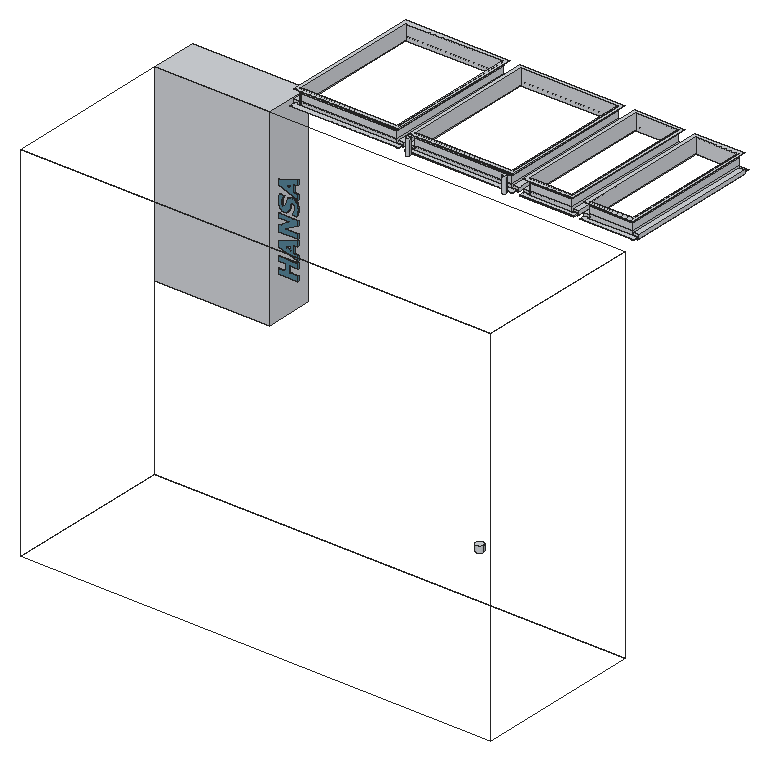
Revit family "KL-P-023-R", category HLS-Bauteile, Revit 2020
Family settings
  Bemaßung runder Anschluss = Durchmesser verwenden
  Klassifizierung = Keine
  Teiletyp = Normal
  Arbeitsebenenbasiert = Nein
  Immer vertikal = Ja
  Beim Laden mit Abzugskörper schneiden = Nein
  Gemeinsam genutzt = Nein
  Raumberechnungspunkt = Nein
Parameters
  Zuluftbreite [instance] = 505 mm  # constant formula
  Vorgabe-Ansicht = 0 mm
  TyS [instance] = size_lookup("TyS_Hansa_KL_P", "", "ND", RLT_Serie, Gehaeuserichtung, Gehaeuseausfuehrung, RLT_MSR_KZ)  # "KL-P-023-R-eCS"
  Schaltschrankbreite [instance] = 600 mm
  Schaltschrank_montiert [instance] = yes
  SSaG [instance] = and(or(Regelung SAIA, Regelung OJ), Schaltschrank_montiert)  # yes
  Regelung SAIA [instance] = yes
  Regelung OJ [instance] = no
  RLT_Volumenstrom_max = 2300 m³/h  # constant formula
  RLT_Volumenstrom_Unit_2 [instance] = 2300 m³/h
  RLT_Volumenstrom_Unit_1 [instance] = 2300 m³/h
  RLT_Typenschlüssel [instance] = TyS  # "KL-P-023-R-eCS"
  RLT_Serie = "KL-P-023"  # constant formula
  RLT_Material_außen [instance] = Stahlblech verzinkt + RAL 9002
  RLT_MSR_KZ [instance] = if(Regelung SAIA, "eCS", if(Regelung OJ, "eCO", "-"))  # "eCS"
  RLT_Länge [instance] = L  # 1860 mm
  RLT_Höhe = H  # 1790 mm
  RLT_Gewicht [instance] = size_lookup("TD_Hansa_KL_P", "Gewicht", 0 mm, TyS) / 1 mm * 1.00 kg  # 0.00 kg
  RLT_Breite = B  # 880 mm
  Modell = "KL-P-023-R"  # constant formula
  L2 = 630 mm  # constant formula
  L1 = 1230 mm  # constant formula
  L = L1 + L2  # 1860 mm
  Kanaltiefe [instance] = RLT_Breite - 190 mm  # 690 mm
  Hersteller = "Hansa"  # constant formula
  H = 1790 mm  # constant formula
  GeräteOK [instance] = H + Fuß  # 1910 mm
  Gehaeuserichtung [instance] = "R"  # constant formula
  Gehaeuseausfuehrung [instance] = "ungeteilt"  # constant formula
  GD_Spannung [instance] = 230 V
  GD_Phasen [instance] = 1
  GD_Nennstrom [instance] = 0 A
  GD_Anschlussleistung [instance] = 0 W
  Fuß [instance] = 120 mm  # constant formula
  Fortluftbreite = 220 mm  # constant formula
  Bedienzone [instance] = yes
  Baugruppe [instance] = "RLT-Gerät"  # constant formula
  BZl [instance] = if(and(or(Regelung SAIA, Regelung OJ), Schaltschrank_montiert), L + Schaltschrankbreite, L)  # 2460 mm
  B = 880 mm  # constant formula
  Außenluftbreite = 220 mm  # constant formula
  Abluftbreite [instance] = 505 mm  # constant formula
Reference planes
  plane 1 "Mitte (Vorne/hinten)": y = 0
  plane 2: z = 0
  plane 3 "Mitte (Links/rechts)": x = 0
  plane 4: x = -930
  plane 5: x = 930
  plane 6 "GV": y = -440
  plane 7 "GH": y = 440
  plane 8 "OKG": z = 1910
  plane 9: y = 377.5
  plane 10: y = -312.5
  plane 11: x = -867.5
  plane 12: x = 867.5
  plane 13: x = -362.5
  plane 14: x = -267.5
  plane 15: x = 237.5
  plane 16: x = 647.5
  plane 17: x = 552.5
  plane 18: x = 332.5
  plane 19: z = 1990
  plane 20 "UKG": z = 120
  plane 21: y = -190
  plane 22: y = -230
  plane 23: z = 90
  plane 24: y = -364
  plane 25: x = 300
  plane 26: y = -1320
  plane 27: x = -1530
Forms (mm)
  Extrusion 1, solid, visible <- "SSaG"
    sketch origin (-61.559, 0, -70) x (1, 0, 0) y (0, 0, 1)
      loop
        line (-1468.441, 1980) -> (-1468.441, 980) -> (-868.441, 980) -> (-868.441, 1980) -> (-1468.441, 1980)
    from 440 to 190
  Extrusion 2, solid
    sketch origin (0, 0, 0) x (1, 0, 0) y (0, 1, 0)
      loop
        circle (0, -230) r 20
    from 120 to 90
  Extrusion 3, solid, material "Glas - klar", visible <- "Bedienzone"
    sketch origin (-600, 0, 0) x (1, 0, 0) y (0, 1, 0)
      loop
        line (-930, -440) -> (-930, -1320) -> (1530, -1320) -> (1530, -440) -> (-930, -440)
    from 1910 to 0
  Extrusion 4, solid
    sketch origin (0, 0, 0) x (1, 0, 0) y (0, 1, 0)
      loop
        circle (-267.5, -364) r 10
    from 1990 to 1910
  Extrusion 5, solid
    sketch origin (0, 0, 0) x (1, 0, 0) y (0, 1, 0)
      loop
        circle (237.5, -364) r 10
    from 1990 to 1910
Dimensions and locks
  equal spacing: plane 4, plane 3 "Mitte (Links/rechts)", plane 5
  "L": plane 4 to plane 5
  "B": plane 7 "GH" to plane 6 "GV"
  locked: plane 7 "GH" to plane 9 at 62.5
  locked: plane 4 to plane 11 at 62.5
  locked: plane 12 to plane 5 at 62.5
  "Abluftbreite": plane 11 to plane 13
  locked: plane 13 to plane 14 at 95
  "Zuluftbreite": plane 14 to plane 15
  "Fortluftbreite": plane 16 to plane 12
  locked: plane 17 to plane 16 at 95
  "Außenluftbreite": plane 18 to plane 17
  plane 15 to plane 18 = 95 mm
  locked: nested 3 to plane 16 at 95
  "Fuß": plane 20 "UKG" to level
  plane 19 to plane 8 "OKG" = 80 mm
  locked: plane 4 to nested 1 at 62.5
  locked: plane 13 to nested 2 at 95
  locked: nested 4 to plane 5 at 62.5
  plane 5 to Extrusion 1 = 1860 mm
  "RLT_Höhe": plane 8 "OKG" to plane 20 "UKG"
  equal spacing: plane 7 "GH", plane 1 "Mitte (Vorne/hinten)", plane 6 "GV"
  locked: plane 6 "GV" to plane 21 at 250
  locked: plane 6 "GV" to plane 22 at 210
  plane 20 "UKG" to plane 23 = 30 mm
  locked: plane 24 to plane 6 "GV" at 76
  "L1": plane 4 to plane 25
  "B": plane 26 to plane 6 "GV"
  "BZl": Extrusion 3 to Extrusion 3
  "Schaltschrankbreite": plane 27 to plane 4
  plane 18 to plane 15 = 95 mm
  aligned and locked: level to plane 2
  aligned and locked: plane 8 "OKG" to Extrusion 1
  aligned and locked: Extrusion 1 to plane 6 "GV"
  aligned and locked: plane 21 to Extrusion 1
  aligned and locked: plane 20 "UKG" to Extrusion 2
  aligned and locked: Extrusion 2 to plane 23
  aligned and locked: Extrusion 3 to plane 6 "GV"
  aligned and locked: Extrusion 3 to plane 26
  aligned and locked: plane 8 "OKG" to Extrusion 3
  aligned and locked: Extrusion 1 to plane 4
  aligned and locked: plane 19 to Extrusion 4
  aligned and locked: Extrusion 4 to plane 8 "OKG"
  aligned and locked: plane 19 to Extrusion 5
  aligned and locked: Extrusion 1 to Extrusion 3
  aligned and locked: plane 7 "GH" to nested 6
  aligned and locked: plane 4 to nested 6
Automatic sketch dimensions
  Extrusion 1 sketch curve to plane 5 = 2460 mm
  Extrusion 1 sketch curve to plane 8 "OKG" = 0 mm
  Extrusion 1 sketch curve to plane 5 = 1860 mm
  plane 20 "UKG" to Extrusion 1 sketch curve = 790 mm
  Extrusion 2 sketch curve to plane 3 "Mitte (Links/rechts)" = 0 mm
  Extrusion 2 sketch curve to plane 22 = 0 mm
  plane 4 to Extrusion 3 sketch curve = 600 mm
  Extrusion 3 sketch curve to plane 5 = 0 mm
  Extrusion 3 sketch curve to plane 26 = 0 mm
  plane 6 "GV" to Extrusion 3 sketch curve = 0 mm
  Extrusion 4 sketch curve to plane 14 = 0 mm
  Extrusion 4 sketch curve to plane 24 = 0 mm
  Extrusion 5 sketch curve to plane 15 = 0 mm
  Extrusion 5 sketch curve to plane 24 = 0 mm
  radius of Extrusion 2 sketch curve = 20 mm
  radius of Extrusion 4 sketch curve = 10 mm
  radius of Extrusion 5 sketch curve = 10 mm
Nested families
  nested 1: "Kanalstutzen" at (-615, 29.209, 1910) x (1, 0, 0) z (0, -1, 0), 2570_EST_Breite <- "Abluftbreite", 2571_EST_Höhe <- "Kanaltiefe", built-in parameter 1001360 <- "GeräteOK", type "Kanalstutzen"
    with Tiefe 80 mm, RahmenG2 20 mm, RahmenG1 30 mm, Höhe 690 mm, Breite 505 mm, 2572_EST_Tiefe 80 mm, 2571_EST_Höhe 690 mm, 2570_EST_Breite 505 mm, 1966_EST_Rahmentyp ""
  nested 2: "Kanalstutzen" at (-15, 29.209, 1910) x (1, 0, 0) z (0, -1, 0), 2570_EST_Breite <- "Zuluftbreite", 2571_EST_Höhe <- "Kanaltiefe", built-in parameter 1001360 <- "GeräteOK", type "Kanalstutzen"
    with Tiefe 80 mm, RahmenG2 20 mm, RahmenG1 30 mm, Höhe 690 mm, Breite 505 mm, 2572_EST_Tiefe 80 mm, 2571_EST_Höhe 690 mm, 2570_EST_Breite 505 mm, 1966_EST_Rahmentyp ""
  nested 3: "Kanalstutzen" at (442.5, 29.209, 1910) x (1, 0, 0) z (0, -1, 0), 2570_EST_Breite <- "Außenluftbreite", 2571_EST_Höhe <- "Kanaltiefe", built-in parameter 1001360 <- "GeräteOK", type "Kanalstutzen"
    with Tiefe 80 mm, RahmenG2 20 mm, RahmenG1 30 mm, Höhe 690 mm, Breite 220 mm, 2572_EST_Tiefe 80 mm, 2571_EST_Höhe 690 mm, 2570_EST_Breite 220 mm, 1966_EST_Rahmentyp ""
  nested 4: "Kanalstutzen" at (757.5, 29.209, 1910) x (1, 0, 0) z (0, -1, 0), 2570_EST_Breite <- "Fortluftbreite", 2571_EST_Höhe <- "Kanaltiefe", built-in parameter 1001360 <- "GeräteOK", type "Kanalstutzen"
    with Tiefe 80 mm, RahmenG2 20 mm, RahmenG1 30 mm, Höhe 690 mm, Breite 220 mm, 2572_EST_Tiefe 80 mm, 2571_EST_Höhe 690 mm, 2570_EST_Breite 220 mm, 1966_EST_Rahmentyp ""
  nested 5: "Hansa_Aufkleber_klein" at (-780, -440, 1390) x (0, 0, 1) z (0, -1, 0), type "Hansa_Aufkleber_klein"
  nested 6: "P-023-R_ipt" at (0, 0, 0), type "Norm"
Connectors
  hvac at (-615, 29.209, 1989), driven by "RLT_Volumenstrom_Unit_2", driven by "Abluftbreite", driven by "Kanaltiefe"
    settings: on nested 1, index 1, duct flow 2300 m³/h, flow factor 0, pres drop 0.0 Pa, loss coef 0, conn angle 0.00°, conn width 505 mm, conn height 690 mm, conn diameter 609.6 mm, duct sys type 2, conn prof type 1, flow config 0, flow direction 1, loss method 0, conn ref index -1, conn util no, is conn primary yes, conn desc ""
  hvac at (-15, 29.209, 1989), driven by "RLT_Volumenstrom_Unit_1", driven by "Zuluftbreite", driven by "Kanaltiefe"
    settings: on nested 2, index 2, duct flow 2300 m³/h, flow factor 0, pres drop 0.0 Pa, loss coef 0, conn angle 0.00°, conn width 505 mm, conn height 690 mm, conn diameter 609.6 mm, duct sys type 1, conn prof type 1, flow config 0, flow direction 2, loss method 0, conn ref index -1, conn util no, is conn primary no, conn desc ""
  hvac at (442.5, 29.209, 1989), driven by "RLT_Volumenstrom_Unit_1", driven by "Außenluftbreite", driven by "Kanaltiefe"
    settings: on nested 3, index 3, duct flow 2300 m³/h, flow factor 0, pres drop 0.0 Pa, loss coef 0, conn angle 0.00°, conn width 220 mm, conn height 690 mm, conn diameter 609.6 mm, duct sys type 1, conn prof type 1, flow config 0, flow direction 1, loss method 0, conn ref index -1, conn util no, is conn primary no, conn desc ""
  hvac at (757.5, 29.209, 1989), driven by "RLT_Volumenstrom_Unit_2", driven by "Fortluftbreite", driven by "Kanaltiefe"
    settings: on nested 4, index 4, duct flow 2300 m³/h, flow factor 0, pres drop 0.0 Pa, loss coef 0, conn angle 0.00°, conn width 220 mm, conn height 690 mm, conn diameter 609.6 mm, duct sys type 3, conn prof type 1, flow config 1, flow direction 2, loss method 0, conn ref index -1, conn util no, is conn primary no, conn desc ""
  piping at (0, -230, 90), diameter 40
    settings: on Extrusion 2, index 5, connector inside diameter 609.6 mm, connector length 0 mm, flow factor 0, pipe flow 0.0 L/s, pressure drop 0.0 Pa, fitting loss kfactor 0, connector angle 0.00°, fixture units 0, engagement length 0 mm, angle of deflection 0.00°, flow configuration 0, flow direction 2, fitting loss method 0, system type 16, joint type 0, gender type 0, connector reference index -1, connector utility 0, adjustable connector no, is connector primary yes, connector description ""
  piping at (-267.5, -364, 1990), diameter 20
    settings: on Extrusion 4, index 6, connector inside diameter 609.6 mm, connector length 0 mm, flow factor 0, pipe flow 0.0 L/s, pressure drop 0.0 Pa, fitting loss kfactor 0, connector angle 0.00°, fixture units 0, engagement length 0 mm, angle of deflection 0.00°, flow configuration 0, flow direction 0, fitting loss method 0, system type 19, joint type 0, gender type 0, connector reference index -1, connector utility 0, adjustable connector no, is connector primary no, connector description ""
  piping at (237.5, -364, 1990), diameter 20
    settings: on Extrusion 5, index 7, connector inside diameter 609.6 mm, connector length 0 mm, flow factor 0, pipe flow 0.0 L/s, pressure drop 0.0 Pa, fitting loss kfactor 0, connector angle 0.00°, fixture units 0, engagement length 0 mm, angle of deflection 0.00°, flow configuration 0, flow direction 0, fitting loss method 0, system type 19, joint type 0, gender type 0, connector reference index -1, connector utility 0, adjustable connector no, is connector primary no, connector description ""
Definition of nested family "Kanalstutzen"
  Parameters (values of type "Kanalstutzen")
    Default Elevation = 0 mm
    Tiefe [instance] = [2572_EST_Tiefe]  # 80 mm
    RahmenG2 [instance] = 20 mm
    RahmenG1 [instance] = 30 mm
    Höhe [instance] = [2571_EST_Höhe]  # 500 mm
    Manufacturer = "Hansa"
    Breite [instance] = [2570_EST_Breite]  # 1000 mm
    Description = "Durchbruchsverkleidung"
    2572_EST_Tiefe [instance] = 80 mm
    2571_EST_Höhe [instance] = 500 mm
    2570_EST_Breite [instance] = 1000 mm
    1966_EST_Rahmentyp [instance] = ""
  Reference planes
    plane 1 "Mitte (Vorne/hinten)": y = 0
    plane 2: z = 0
    plane 3 "Mitte (Links/rechts)": x = 0
    plane 4: x = -500
    plane 5: x = 500
    plane 6 "hinten": y = 80
    plane 7: z = 250
    plane 8: z = -250
    plane 9 "R1links": x = -530
    plane 10 "R1rechts": x = 530
    plane 11 "R2links": x = -520
    plane 12 "R2rechts": x = 520
    plane 13 "R1oben": z = 280
    plane 14 "R1unten": z = -280
    plane 15: z = -270
    plane 16: z = 270
  Forms (mm)
    Sweep 1, solid
      path origin (0, 0, 0) x (1, 0, 0) y (0, 0, 1)
        loop
          line (-500, 250) -> (-500, -250) -> (500, -250) -> (500, 250) -> (-500, 250)
      profile origin (0, 0, 250) x (0, 0, 1) y (0, -1, 0)
        loop
          line (0, -40) -> (0, -80) -> (20, -80) -> (20, -79) -> (1.999, -79) -> (1.999, -59) -> (0.962, -59) -> (0.962, -21.406) -> (1.999, -21.406) -> (1.999, -1.406) -> (30, -1.406) -> (30, 0) -> (0, 0) -> (0, -40)
  Dimensions and locks
    equal spacing: plane 4, plane 3 "Mitte (Links/rechts)", plane 5
    "Breite": plane 4 to plane 5
    equal spacing: plane 7, level, plane 8
    "Höhe": plane 7 to plane 8
    "RahmenG1": plane 9 "R1links" to plane 4
    "RahmenG1": plane 5 to plane 10 "R1rechts"
    "RahmenG2": plane 11 "R2links" to plane 4
    "RahmenG2": plane 5 to plane 12 "R2rechts"
    "RahmenG1": plane 13 "R1oben" to plane 7
    "RahmenG1": plane 8 to plane 14 "R1unten"
    "RahmenG2": plane 16 to plane 7
    "RahmenG2": plane 8 to plane 15
    Sweep 1 sketch curve to Sweep 1 sketch curve = 1.406 mm
    Sweep 1 sketch curve to Sweep 1 sketch curve = 1 mm
    Sweep 1 sketch curve to Sweep 1 sketch curve = 0.962 mm
    "2572_EST_Tiefe": plane 6 "hinten" to plane 1 "Mitte (Vorne/hinten)"
    aligned and locked: level to plane 2
    aligned and locked: plane 16 to Sweep 1 sketch curve
    aligned and locked: plane 13 "R1oben" to Sweep 1 sketch curve
    aligned and locked: plane 1 "Mitte (Vorne/hinten)" to Sweep 1
    aligned and locked: plane 1 "Mitte (Vorne/hinten)" to nested 1
    aligned and locked: nested 1 to plane 10 "R1rechts"
    aligned and locked: nested 2 to plane 9 "R1links"
    aligned and locked: plane 8 to nested 2
    aligned and locked: nested 1 to plane 8
  Automatic sketch dimensions
    plane 4 to Sweep 1 sketch curve = 0 mm
    plane 5 to Sweep 1 sketch curve = 0 mm
    Sweep 1 sketch curve to plane 8 = 0 mm
    Sweep 1 sketch curve to plane 7 = 0 mm
    Sweep 1 sketch curve to plane 1 "Mitte (Vorne/hinten)" = 0 mm
    profile plane to Sweep 1 sketch curve = 0 mm
    Sweep 1 sketch curve to profile plane = 1.999 mm  (x2)
    Sweep 1 sketch curve to Sweep 1 sketch curve = 20 mm  (x2)
    Sweep 1 sketch curve to Sweep 1 sketch curve = 18.594 mm
    Sweep 1 sketch curve to Sweep 1 sketch curve = 19 mm
  Nested families
    nested 1: "EGJK30" at (520, 0, -250), L <- "Höhe", type "EGJK30"
      with L 500 mm
    nested 2: "EGJK30" at (-520, 0, -250) x (-1, 0, 0) z (0, 0, 1), L <- "Höhe", type "EGJK30"
      with L 500 mm
  Definition of nested family "EGJK30"
    Parameters (values of type "EGJK30")
      Default Elevation = 0 mm
      L [instance] = 1000 mm
    Reference planes
      plane 1 "Mitte (Vorne/hinten)": y = 0
      plane 2: z = 0
      plane 3 "Mitte (Links/rechts)": x = 0
    Forms (mm)
      Extrusion 1, solid
        sketch origin (16.67, -35.46, 0) x (1, 0, 0) y (0, 1, 0)
          loop
            line (-26.67, 25.46) -> (-6.67, 25.46) -> (-6.67, 30.46) -> (-1.67, 30.46) -> (-1.67, 50.46) -> (-34.67, 50.46) -> (-34.67, 38.46) -> (-5.67, 38.46) -> (-5.67, 35.46) -> (-25.67, 35.46) -> (-25.67, 36.96) -> (-34.67, 36.96) -> (-34.67, 33.96) -> (-26.67, 25.46)
        from 0 to 1000
    Dimensions and locks
      "L": Extrusion 1 to Extrusion 1
      aligned and locked: level to plane 2
    Automatic sketch dimensions
      plane 1 "Mitte (Vorne/hinten)" to Extrusion 1 sketch curve = 0 mm
      Extrusion 1 sketch curve to plane 3 "Mitte (Links/rechts)" = 18 mm
      plane 1 "Mitte (Vorne/hinten)" to Extrusion 1 sketch curve = 1.5 mm
      Extrusion 1 sketch curve to Extrusion 1 sketch curve = 0 mm
      Extrusion 1 sketch curve to plane 3 "Mitte (Links/rechts)" = 10 mm
      Extrusion 1 sketch curve to plane 3 "Mitte (Links/rechts)" = 9 mm
      plane 1 "Mitte (Vorne/hinten)" to Extrusion 1 sketch curve = 5 mm
      plane 3 "Mitte (Links/rechts)" to Extrusion 1 sketch curve = 10 mm
      Extrusion 1 sketch curve to Extrusion 1 sketch curve = 1 mm
      Extrusion 1 sketch curve to Extrusion 1 sketch curve = 5 mm
      plane 1 "Mitte (Vorne/hinten)" to Extrusion 1 sketch curve = 10 mm
      Extrusion 1 sketch curve to plane 1 "Mitte (Vorne/hinten)" = 1.5 mm
      Extrusion 1 sketch curve to Extrusion 1 sketch curve = 1.5 mm
      Extrusion 1 sketch curve to Extrusion 1 sketch curve = 12 mm
Definition of nested family "Hansa_Aufkleber_klein"
  Parameters (values of type "Hansa_Aufkleber_klein")
    Default Elevation = 1219.2 mm
  Reference planes
    plane 1 "Mitte (Vorne/hinten)": y = 0
    plane 2: z = 0
    plane 3 "Mitte (Links/rechts)": x = 0
  Forms (mm)
    Extrusion 1, solid, detail levels medium+fine
      sketch origin (6.994, -10.767, 0) x (1, 0, 0) y (0, 1, 0)
        loop
          line (-226.694, 10.767) -> (-201.573, 10.767) -> (-201.573, 55.095) -> (-167.456, 55.095) -> (-167.456, 10.767) -> (-142.335, 10.767) -> (-142.335, 110.767) -> (-167.456, 110.767) -> (-167.456, 74.138) -> (-201.573, 74.138) -> (-201.573, 110.767) -> (-226.694, 110.767) -> (-226.694, 10.767)
        loop
          line (202.074, 82.404) -> (191.782, 49.341) -> (212.284, 49.341) -> (202.074, 82.404)
        loop
          line (188.703, 110.767) -> (154.91, 10.767) -> (180.032, 10.767) -> (186.353, 31.189) -> (217.795, 31.189) -> (224.035, 10.767) -> (249.886, 10.767) -> (216.093, 110.767) -> (188.703, 110.767)
        loop
          line (34.084, 10.767) -> (58.233, 10.767) -> (58.233, 110.767) -> (35.299, 110.767) -> (35.299, 53.474) -> (3.37, 110.767) -> (-27.424, 110.767) -> (-27.424, 10.767) -> (-4.49, 10.767) -> (-4.49, 80.459) -> (34.084, 10.767)
        loop
          line (-85.203, 82.404) -> (-95.495, 49.341) -> (-74.993, 49.341) -> (-85.203, 82.404)
        loop
          line (-98.575, 110.767) -> (-132.367, 10.767) -> (-107.245, 10.767) -> (-100.925, 31.189) -> (-69.482, 31.189) -> (-63.242, 10.767) -> (-37.391, 10.767) -> (-71.184, 110.767) -> (-98.575, 110.767)
        loop
          line (73.143, 16.683) -> (80.903, 13.695) -> (89.27, 11.213) -> (93.783, 10.238) -> (98.65, 9.542) -> (103.872, 9.124) -> (109.448, 8.984) -> (114.303, 9.126) -> (118.902, 9.552) -> (123.243, 10.261) -> (127.327, 11.253) -> (131.154, 12.53) -> (134.724, 14.09) -> (138.037, 15.933) -> (141.093, 18.061) -> (143.838, 20.421) -> (146.216, 22.963) -> (148.229, 25.688) -> (149.876, 28.595) -> (151.156, 31.685) -> (152.071, 34.957) -> (152.62, 38.411) -> (152.803, 42.048) -> (152.724, 44.578) -> (152.487, 46.981) -> (152.091, 49.257) -> (151.537, 51.407) -> (150.825, 53.431) -> (149.954, 55.328) -> (148.925, 57.098) -> (147.738, 58.741) -> (144.874, 61.745) -> (141.346, 64.434) -> (137.155, 66.81) -> (132.301, 68.871) -> (127.124, 70.542) -> (122.293, 71.829) -> (112.609, 74.057) -> (109.035, 74.977) -> (106.095, 75.952) -> (103.788, 76.982) -> (102.114, 78.069) -> (100.927, 79.287) -> (100.078, 80.713) -> (99.569, 82.346) -> (99.4, 84.187) -> (99.506, 85.453) -> (99.825, 86.659) -> (100.357, 87.803) -> (101.101, 88.887) -> (102.965, 90.731) -> (105.153, 92.048) -> (107.99, 93.142) -> (110.664, 93.83) -> (113.439, 94.195) -> (116.579, 94.317) -> (120.768, 94.112) -> (124.906, 93.496) -> (128.993, 92.471) -> (133.03, 91.035) -> (136.889, 89.3) -> (140.445, 87.378) -> (143.697, 85.268) -> (146.644, 82.971) -> (148.832, 82.971) -> (148.832, 105.824) -> (145.231, 107.285) -> (141.397, 108.589) -> (137.33, 109.737) -> (133.03, 110.727) -> (128.608, 111.524) -> (124.177, 112.094) -> (119.735, 112.436) -> (115.283, 112.55) -> (110.919, 112.414) -> (106.741, 112.006) -> (102.749, 111.325) -> (98.944, 110.372) -> (95.324, 109.147) -> (91.891, 107.65) -> (88.644, 105.88) -> (85.583, 103.839) -> (82.8, 101.578) -> (80.389, 99.151) -> (78.348, 96.559) -> (76.679, 93.8) -> (75.38, 90.876) -> (74.453, 87.786) -> (73.896, 84.53) -> (73.711, 81.108) -> (74.025, 76.136) -> (74.967, 71.596) -> (76.537, 67.486) -> (78.735, 63.806) -> (80.094, 62.119) -> (81.657, 60.522) -> (83.426, 59.014) -> (85.4, 57.597) -> (87.58, 56.269) -> (89.964, 55.031) -> (92.553, 53.884) -> (95.348, 52.826) -> (100.625, 51.195) -> (106.247, 49.868) -> (111.869, 48.642) -> (117.147, 47.315) -> (119.104, 46.707) -> (120.925, 45.937) -> (122.609, 45.006) -> (124.156, 43.912) -> (125.451, 42.645) -> (126.375, 41.197) -> (126.929, 39.566) -> (127.114, 37.753) -> (127, 36.17) -> (126.658, 34.744) -> (126.089, 33.475) -> (125.291, 32.364) -> (123.275, 30.53) -> (120.874, 29.163) -> (118.413, 28.312) -> (115.242, 27.704) -> (112.052, 27.339) -> (109.529, 27.218) -> (105.242, 27.433) -> (100.889, 28.079) -> (96.47, 29.155) -> (91.985, 30.662) -> (87.561, 32.569) -> (83.324, 34.845) -> (79.274, 37.492) -> (75.413, 40.508) -> (73.143, 40.508) -> (73.143, 16.683)
      from 0 to 2
  Dimensions and locks
    aligned and locked: level to plane 2
Definition of nested family "P-023-R_ipt"
  Parameters (values of type "Norm")
    Default Elevation = 0 mm
  Reference planes
    plane 1 "Mitte (Vorne/Hinten)": y = 0
    plane 2: z = 0
    plane 3 "Mitte (Links/Rechts)": x = 0
  Dimensions and locks
    aligned and locked: level to plane 2
